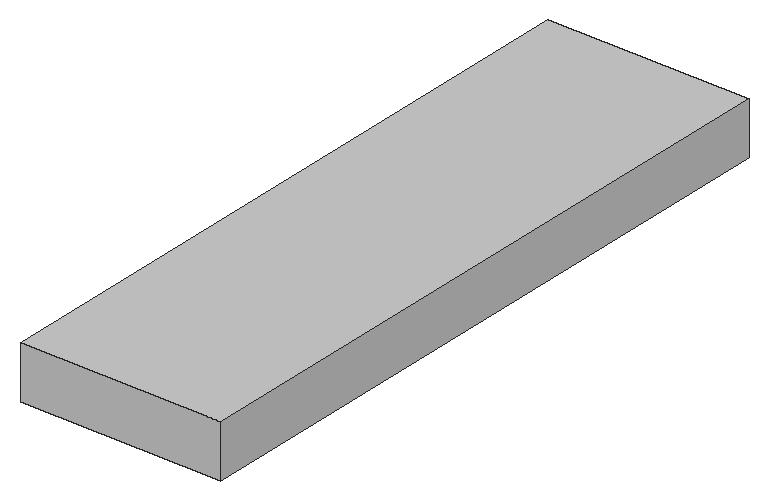
Revit family "道路基于中心线", category 结构框架, Revit 2018
Family settings
  显示在隐藏视图中 = 被其他构件隐藏的边缘
  结构框架长度舍入 = 1 mm
  横断面形状 = 未定义
  用于模型行为的材质 = 混凝土
  始终导出为几何图形 = 否
  总是垂直 = 是
  加载时剪切的空心 = 否
  符号表示法 = 从族
  共享 = 否
  在平面视图中显示族的预剪切 = 是
Parameters (values of type "道路-5000")
  Structural Material [instance] = 混凝土 - 现场浇注混凝土
  Assembly Code = ""
  Length [instance] = 1524 mm
  道路宽度 = 5000 mm
  道路厚度 = 400 mm
Reference planes
  plane 1 "中心(前/后)": y = 0
  plane 2: z = 0
  plane 3 "中心(左/右)": x = 4.61
  plane 4: y = 2500
  plane 5: y = -2500
  plane 6: z = 200
  plane 7 "底": z = -200
  plane 8 "左": x = -757.39
  plane 9 "右": x = 766.61
Forms (mm)
  Sweep 1, solid, material "混凝土 - 现场浇注混凝土" <- "Structural Material"
    path origin (0, 0, 0) x (1, 0, 0) y (0, 1, 0)
      loop
        line (766.61, 0) -> (-757.39, 0)
    profile "M_矩形梁 - 轮廓 : M_矩形梁 - 轮廓" origin (4.61, 0, 0) x (0, -1, 0) y (0, 0, 1)
      loop
        line (-2500, -200) -> (2500, -200) -> (2500, 200) -> (-2500, 200) -> (-2500, -200)
Dimensions and locks
  "道路宽度": plane 4 to plane 5
  equal spacing: plane 7 "底", plane 2, plane 6
  equal spacing: plane 4, plane 1 "中心(前/后)", plane 5
  "道路厚度": plane 7 "底" to plane 6
  "Length": plane 8 "左" to plane 9 "右"
  aligned and locked: Sweep 1 sketch curve to plane 1 "中心(前/后)"
  aligned and locked: plane 9 "右" to Sweep 1 sketch curve
  aligned and locked: plane 8 "左" to Sweep 1 sketch curve
